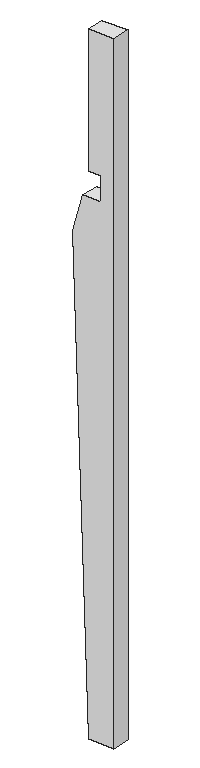
Revit family "Pilar_Con_Retang_Premoldado", category Structural Columns, Revit 2020
Family settings
  Display in Hidden Views = Edges Hidden by Other Members
  Section Shape = Not Defined
  Material for Model Behavior = Precast Concrete
  Always export as geometry = No
  Beam cutback in plan = From bounding box
  OmniClass Number = 23.25.30.11.14.11
  OmniClass Title = Columns
  Cut with Voids When Loaded = No
  Symbolic Representation = From Family
  Shared = No
  Show family pre-cut in plan views = Yes
Parameters (values of type "PIL_060x030_CON_PRE")
  TransChamfer = if(Chamfer = 0 mm, 10 mm, Chamfer)  # 10 mm
  Tie Rod Weight [instance] = 30
  Tie Rod W [instance] = (Tie Rod Weight) * 9.80 kN / 1000  # 0.294 kN
  Structural Material [instance] = CT_Concreto_Premoldado
  Single Rebar Weight [instance] = 50
  Single Rebar W [instance] = (Single Rebar Weight * 9.80 kN) / 1000  # 0.49 kN
  Rebar Grids Weight [instance] = 100
  Rebar Grids W [instance] = (Rebar Grids Weight * 9.80 kN) / 1000  # 0.98 kN
  Opening Depth [instance] = if(Opening, h, 0 mm)  # 0 mm
  Material_Coluna_Premoldada = CT_Concreto_Premoldado
  Double Sides = no
  Seat Depth Right [instance] = 200 mm
  Seat Depth Left [instance] = 200 mm
  Seat Depth 1 [instance] = if(not(Double Sides), 0 mm, Seat Depth Left)  # 0 mm
  Opening Distance [instance] = 1500 mm
  Seat Height [instance] = 1000 mm
  Opening Radius [instance] = 40 mm
  Opening = no
  b = 600 mm
  h = 400 mm
  Chamfer = 0 mm
Reference planes
  plane 1 "Center (Front/Back)": y = 0
  plane 2: z = 0
  plane 3 "Center (Left/Right)": x = 0
  plane 4: x = -300
  plane 5: y = -200
  plane 6: x = 300
  plane 7: y = 200
  plane 8: z = 11440
  plane 9: z = 12000
  plane 10: z = 10600
Forms (mm)
  Extrusion 1, solid, material "CT_Concreto_Premoldado" <- "Material_Coluna_Premoldada"
    sketch origin (0, 0, 0) x (1, 0, 0) y (0, 0, 1)
      loop
        line (-300, 15000) -> (-300, 12000) -> (0, 12000) -> (0, 11440) -> (-430, 11440) -> (-655.077, 10600) -> (-300, 0) -> (300, 0) -> (300, 15000) -> (-300, 15000)
    from -200 to 200
Dimensions and locks
  "h": plane 7 to plane 5
  equal spacing: plane 4, plane 3 "Center (Left/Right)", plane 6
  "b": plane 4 to plane 6
  locked: Extrusion 1 sketch curve to Extrusion 1 sketch curve at 3000
  locked: Extrusion 1 sketch curve to Extrusion 1 sketch curve at 560
  equal spacing: plane 7, plane 1 "Center (Front/Back)", plane 5
  aligned and locked: level to plane 2
  aligned and locked: Extrusion 1 sketch curve to level
  aligned and locked: level to Extrusion 1 sketch curve
  aligned and locked: plane 6 to Extrusion 1 sketch curve
  aligned and locked: plane 7 to Extrusion 1
  aligned and locked: plane 5 to Extrusion 1
  aligned and locked: Extrusion 1 sketch curve to plane 3 "Center (Left/Right)"
Automatic sketch dimensions
  Extrusion 1 sketch curve to plane 10 = 0 mm
  plane 4 to Extrusion 1 sketch curve = 0 mm  (x2)
  plane 4 to Extrusion 1 sketch curve = 130 mm
  plane 4 to Extrusion 1 sketch curve = 355.077 mm
